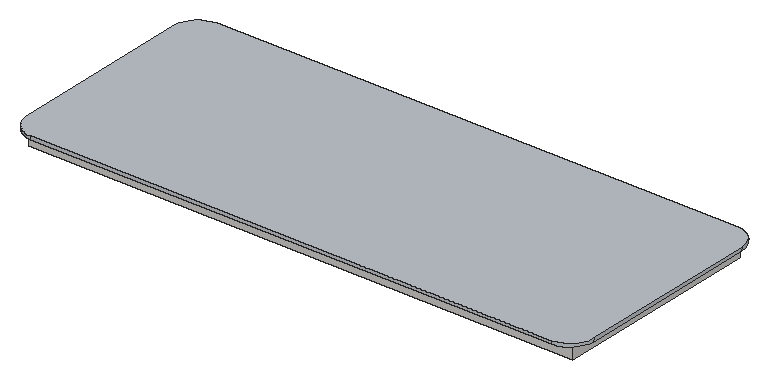
Revit family "Mirror-DXV-Modulus-D19055049.191", category Furniture, host Face, Revit 2019
Family settings
  Host = Face
  OmniClass Number = 23.40.95.17.17
  OmniClass Title = Mirrors
  Cut with Voids When Loaded = No
  Shared = Yes
  Room Calculation Point = No
Parameters (values of type "D19055049.191")
  Width = 49 3/16"
  URL = "https://www.dxv.com/"
  Type Comments = ""
  Revised Date = "05/10/2022"  # constant formula
  Product Page URL = "https://www.dxv.com/product/dxv-modulus-mirror-double"
  Product Documentation Link = "https://dxv01.blob.core.windows.net/dxv-product-pdf-files/spec_D19055049_DXV_Modulus_50in_mirror_EN.pdf"
  Price = "Prices may vary. Please consult Manufacturer Representative for most up-to-date price list."  # constant formula
  Model = "D19055049.191"
  Material = "Mirror-DXV"
  Manufacturer = "DXV"
  Length = 1 9/16"
  Installation Type = "Wall-Mount"
  Installation Instruction Link = "https://dxv01.blob.core.windows.net/dxv-product-pdf-files/7302329-100EN.pdf"
  Height = 20 1/16"
  Finish = Mirror-DXV
  Description = "DXV Modulus Mirror - Double"
  Default Elevation = 35"
  Creation Date = "09/14/2017"  # constant formula
  Assembly Code = "E2010"
Reference planes (in)
  plane 1 "Center (Front/Back)": y = 0
  plane 2: z = 0
  plane 3 "Center (Left/Right)": x = 0
  plane 4: y = 20.0625
  plane 5: y = 19.09375
  plane 6: y = 0.96875
  plane 7: z = 0
  plane 8: x = 24.59375
  plane 9: x = -24.59375
  plane 10: x = -23.625
  plane 11: x = 23.625
  plane 12: z = 1.5625
Forms (in)
  Extrusion 1, solid, material "Mirror-DXV" <- "Finish"
    sketch origin (0, 0, 0.12203) x (1, 0, 0) y (0, 1, 0)
      loop
        arc (-22.59375, 20.0625) -> (-24.00796, 19.47671) -> (-24.59375, 18.0625) r 2
        line (-24.59375, 18.0625) -> (-24.59375, 2)
        arc (-24.59375, 2) -> (-24.00796, 0.58579) -> (-22.59375, 0) r 2
        line (-22.59375, 0) -> (22.59375, 0)
        arc (22.59375, 0) -> (24.00796, 0.58579) -> (24.59375, 2) r 2
        line (24.59375, 2) -> (24.59375, 18.0625)
        arc (24.59375, 18.0625) -> (24.00796, 19.47671) -> (22.59375, 20.0625) r 2
        line (22.59375, 20.0625) -> (-22.59375, 20.0625)
    from 1.18537 to 1.43537
  Extrusion 2, solid, material "LED-DXV-191-Light"
    sketch origin (0, 0, 1.3074) x (1, 0, 0) y (0, 1, 0)
      loop
        line (-23.625, 19.09375) -> (-23.625, 0.96875) -> (23.625, 0.96875) -> (23.625, 19.09375) -> (-23.625, 19.09375)
    from 0 to -0.25
  Extrusion 3, solid, material "Stainless Steel-DXV-Satin"
    sketch origin (0, 0, 1.3074) x (0, 1, 0) y (0, 0, 1)
      loop
        line (19.09375, -0.25) -> (0.96875, -0.25) -> (0.96875, -1.3074) -> (19.09375, -1.3074) -> (19.09375, -0.25)
    from -23.625 to 23.625
Lines and regions (in)
  Masking region 1
    outline origin (0, 0, 1.0574) x (1, 0, 0) y (0, 0, 1)
      loop
        line (23.625, -1.0574) -> (23.625, 0.25) -> (24.59375, 0.25) -> (24.59375, 0.5) -> (-24.59375, 0.5) -> (-24.59375, 0.25) -> (-23.625, 0.25) -> (-23.625, -1.0574) -> (23.625, -1.0574)
  symbolic lines, detail levels medium+fine
    curve 1: line (-23.625, 0, 1.3074) -> (23.625, 0, 1.3074)
    curve 2: line (-23.625, 0, 1.0574) -> (23.625, 0, 1.0574)
Dimensions and locks (in)
  plane 6 to plane 5 = 18 1/8"
  "Width": plane 9 to plane 8
  "Height": plane 4 to plane 1 "Center (Front/Back)"
  aligned and locked: plane 2 to host face
  aligned and locked: level to host face
Automatic sketch dimensions
  host sketch curve to host sketch curve = 96"  (x2)
  Extrusion 1 sketch curve to plane 9 = 0"
  Extrusion 1 sketch curve to plane 4 = 0"
  plane 1 "Center (Front/Back)" to Extrusion 1 sketch curve = 0"
  Extrusion 1 sketch curve to plane 8 = 0"
  plane 10 to Extrusion 1 sketch curve = 1 1/32"  (x2)
  Extrusion 1 sketch curve to plane 5 = 1 1/32"
  plane 11 to Extrusion 1 sketch curve = 1 1/32"
  plane 6 to Extrusion 2 sketch curve = 0"
  Extrusion 2 sketch curve to plane 10 = 0"
  Extrusion 2 sketch curve to plane 11 = 0"
  Extrusion 2 sketch curve to plane 5 = 0"
  level to Extrusion 3 sketch curve = 1.0574"
  Extrusion 3 sketch curve to plane 6 = 0"
  Extrusion 3 sketch curve to plane 5 = 0"
  plane 9 to Masking region 1 sketch curve = 0"
  level to Masking region 1 sketch curve = 0"
  Masking region 1 sketch curve to plane 10 = 0"
  plane 11 to Masking region 1 sketch curve = 0"
  Masking region 1 sketch curve to plane 8 = 0"
  Masking region 1 sketch curve to Masking region 1 sketch curve = 1.3074"
  level to Masking region 1 sketch curve = 1.3074"
  Extrusion 3 sketch curve to Extrusion 3 sketch curve = 1.0574"
  Masking region 1 sketch curve to Masking region 1 sketch curve = 1/4"
  curve 2 to plane 10 = 0"
  curve 1 to plane 10 = 0"
  plane 11 to curve 2 = 0"
  plane 11 to curve 1 = 0"
  curve 2 to plane 12 = 0.5051"
  curve 2 to curve 1 = 1/4"
